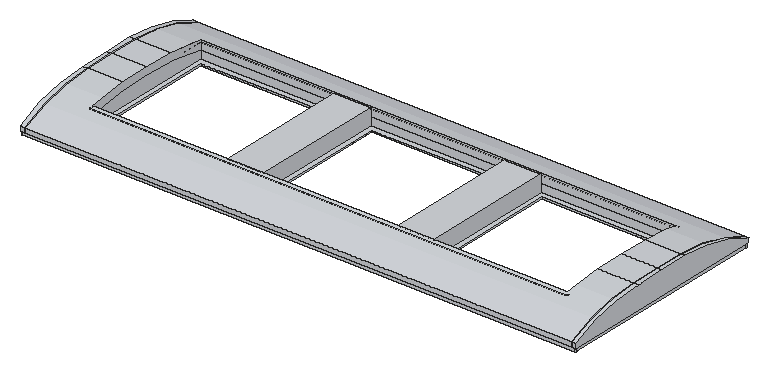
Revit family "Gira_0213728", category Electrical Fixtures, host Face, Revit 2017
Family settings
  Host = Face
  Maintain Annotation Orientation = No
  Round Connector Dimension = Use Diameter
  Part Type = Normal
  Cut with Voids When Loaded = No
  Shared = No
  Room Calculation Point = No
Parameters (values of type "Abdeckrahmen 3f Zwischenr. AN Gira Event Klar Weiß")
  Werkstoffgüte = "Thermoplast"
  Werkstoff = "Kunststoff"
  URL = "http://katalog.gira.de/de_DE/datenblatt.html?artikelnr=0213728"
  Transparent = "No"
  Textfeld/Beschriftungsfläche = "No"
  Schutzart (IP) = "IP20"
  Region = "DE"
  Oberfläche = "sonstige"
  Name = "Abdeckrahmen 3f Zwischenr. AN Gira Event Klar Weiß"
  Montagerichtung = "horizontal und vertikal"
  Mit Montagerahmen = "No"
  Mit Klappdeckel = "No"
  Manufacturer URL = "https://www.gira.de/"
  Keynote = "Event_Rahmen_3fach"
  HeinzeBIM = "https://bimportal.heinze.de/bim/abdeckrahmen-3f-zwischenr-an-gira-event-klar-weiss/8ca804c31c415cc36ca7d59417e6a9684c2b8f1a"
  Halogenfrei = "Yes"
  HAN = "0213728"
  Geeignet für Unterputz-Installation = "Yes"
  Geeignet für Unterflurkanaldose = "No"
  Geeignet für Geräteeinbaukanal = "No"
  Geeignet für Einbauinstallation = "No"
  GTIN = "4010337068778"
  Farbe = "weiß"
  Default Elevation = 1219.2 mm
  Data sheet (1) = "https://katalog.gira.de/de_DE/download.html?artikelnr=0213728"
  Category = "Abdeckrahmen"
  Befestigungsart = "Klemmbefestigung"
  Available = "Yes"
  Anzahl der Einheiten vertikal = "3 "
  Anzahl der Einheiten horizontal = "3 "
  Anzahl der Einheiten = "3 "
Reference planes
  plane 1 "Center (Front/Back)": y = 0
  plane 2: z = 0
  plane 3 "Center (Left/Right)": x = 0
Forms (mm)
  Extrusion 1, solid, detail levels fine
    sketch origin (0, 0, 0.05) x (0, 1, 0) y (0, 0, 1)
      loop
        arc (12.445, 9.683) -> (6.223, 9.833) -> (0, 9.85) r 291.636
        arc (0, 9.85) -> (-6.223, 9.833) -> (-12.445, 9.683) r 291.636
        arc (-12.445, 9.683) -> (-29.14, 7.482) -> (-45, 1.823) r 79.728
        line (-45, 1.823) -> (-45, -0.05) -> (-42.086, -0.05)
        arc (-42.086, -0.05) -> (-21.385, 5.559) -> (0, 7.206) r 114.424
        arc (0, 7.206) -> (21.385, 5.559) -> (42.086, -0.05) r 114.424
        line (42.086, -0.05) -> (45, -0.05) -> (45, 1.823)
        arc (45, 1.823) -> (29.14, 7.482) -> (12.445, 9.683) r 79.728
    from -114.3 to 114.3
  Extrusion 2, void, detail levels fine
    sketch origin (0, 0, 0) x (1, 0, 0) y (0, 1, 0)
      loop
        line (-99.355, -28.053) -> (99.355, -28.053) -> (99.355, 28.053) -> (-99.355, 28.053) -> (-99.355, -28.053)
    from 0.724 to 11
  Extrusion 3, solid, detail levels coarse
    sketch origin (0, 0, 0) x (1, 0, 0) y (0, 1, 0)
      loop
        line (-116.3, 45) -> (-116.3, -45) -> (116.3, -45) -> (116.3, 45) -> (-116.3, 45)
    from -1.5 to 9.9
  Extrusion 4, solid, detail levels medium
    sketch origin (0, 0, 0.05) x (0, 1, 0) y (0, 0, 1)
      loop
        arc (12.445, 9.683) -> (6.223, 9.833) -> (0, 9.85) r 291.636
        arc (0, 9.85) -> (-6.223, 9.833) -> (-12.445, 9.683) r 291.636
        arc (-12.445, 9.683) -> (-29.14, 7.482) -> (-45, 1.823) r 79.728
        line (-45, 1.823) -> (-45, -0.05) -> (45, -0.05) -> (45, 1.823)
        arc (45, 1.823) -> (29.14, 7.482) -> (12.445, 9.683) r 79.728
    from -116.3 to 116.3
  Extrusion 5, solid, detail levels fine
    sketch origin (-71.3, 0, -1.5) x (0, 1, 0) y (0, 0, -1)
      loop
        line (45, -3.373) -> (45, -1.5) -> (-45, -1.5) -> (-45, -3.373)
        arc (-45, -3.373) -> (-29.14, -9.032) -> (-12.445, -11.233) r 79.728
        arc (-12.445, -11.233) -> (-6.223, -11.383) -> (0, -11.4) r 291.636
        arc (0, -11.4) -> (6.223, -11.383) -> (12.445, -11.233) r 291.636
        arc (12.445, -11.233) -> (29.14, -9.032) -> (45, -3.373) r 79.728
    from 43 to 45
  Extrusion 6, solid, detail levels fine
    sketch origin (0, 0, 0) x (1, 0, 0) y (0, 1, 0)
      loop
        line (-97.195, 25.7) -> (-97.195, -25.7) -> (-45.395, -25.7) -> (-45.395, 25.7) -> (-97.195, 25.7)
      loop
        line (25.9, -25.7) -> (25.9, 25.7) -> (-25.9, 25.7) -> (-25.9, -25.7) -> (25.9, -25.7)
      loop
        line (-100.19, 28.49) -> (-100.19, -28.495)
        spline (-100.19, -28.495) -> (-100.181, -28.625) -> (-100.156, -28.754) -> (-100.113, -28.878) -> (-100.056, -28.995) -> (-99.983, -29.104) -> (-99.897, -29.202) -> (-99.798, -29.288) -> (-99.69, -29.361) -> (-99.572, -29.419) -> (-99.448, -29.461) -> (-99.32, -29.486) -> (-99.19, -29.495)
        line (-99.19, -29.495) -> (99.195, -29.495)
        spline (99.195, -29.495) -> (99.325, -29.486) -> (99.454, -29.461) -> (99.578, -29.419) -> (99.695, -29.361) -> (99.804, -29.288) -> (99.902, -29.202) -> (99.988, -29.104) -> (100.061, -28.995) -> (100.119, -28.878) -> (100.161, -28.754) -> (100.186, -28.625) -> (100.195, -28.495)
        line (100.195, -28.495) -> (100.195, 28.49)
        spline (100.195, 28.49) -> (100.186, 28.62) -> (100.161, 28.748) -> (100.119, 28.872) -> (100.061, 28.99) -> (99.988, 29.098) -> (99.902, 29.197) -> (99.804, 29.283) -> (99.695, 29.356) -> (99.578, 29.413) -> (99.454, 29.456) -> (99.325, 29.481) -> (99.195, 29.49)
        line (99.195, 29.49) -> (-99.19, 29.49)
        spline (-99.19, 29.49) -> (-99.32, 29.481) -> (-99.448, 29.456) -> (-99.572, 29.413) -> (-99.69, 29.356) -> (-99.798, 29.283) -> (-99.897, 29.197) -> (-99.983, 29.098) -> (-100.056, 28.99) -> (-100.113, 28.872) -> (-100.156, 28.748) -> (-100.181, 28.62) -> (-100.19, 28.49)
      loop
        line (97.2, -25.7) -> (97.2, 25.7) -> (45.4, 25.7) -> (45.4, -25.7) -> (97.2, -25.7)
    from 0.1 to 7.3
  Extrusion 7, solid
    sketch origin (0, 0, 0) x (1, 0, 0) y (0, 1, 0)
      loop
        arc (-116, -44.2) -> (-115.854, -44.554) -> (-115.5, -44.7) r 0.5
        line (-115.5, -44.7) -> (115.5, -44.7)
        arc (115.5, -44.7) -> (115.854, -44.554) -> (116, -44.2) r 0.5
        line (116, -44.2) -> (116, 44.2)
        arc (116, 44.2) -> (115.854, 44.554) -> (115.5, 44.7) r 0.5
        line (115.5, 44.7) -> (-115.5, 44.7)
        arc (-115.5, 44.7) -> (-115.854, 44.554) -> (-116, 44.2) r 0.5
        line (-116, 44.2) -> (-116, -44.2)
      loop
        line (-114.3, 43) -> (-114.3, -43) -> (114.3, -43) -> (114.3, 43) -> (-114.3, 43)
    from -1.5 to 0.5
  Extrusion 8, solid, detail levels fine
    sketch origin (71.3, 0, -1.5) x (0, 1, 0) y (0, 0, 1)
      loop
        arc (45, 3.373) -> (29.14, 9.032) -> (12.445, 11.233) r 79.728
        arc (12.445, 11.233) -> (6.223, 11.383) -> (0, 11.4) r 291.636
        arc (0, 11.4) -> (-6.223, 11.383) -> (-12.445, 11.233) r 291.636
        arc (-12.445, 11.233) -> (-29.14, 9.032) -> (-45, 3.373) r 79.728
        line (-45, 3.373) -> (-45, 1.5) -> (45, 1.5) -> (45, 3.373)
    from 43 to 45
  Extrusion 9, solid, detail levels medium
    sketch origin (0, 0, 0) x (1, 0, 0) y (0, 1, 0)
      loop
        line (-116, -44.7) -> (116, -44.7) -> (116, 44.7) -> (-116, 44.7) -> (-116, -44.7)
    from -1.5 to 0.5
  Extrusion 10, solid, detail levels fine
    sketch origin (-34.207, 0, 0) x (1, 0, 0) y (0, 1, 0)
      loop
        line (-8.943, 28.063) -> (-8.943, -27.937) -> (6.057, -27.937) -> (6.057, 28.063) -> (-8.943, 28.063)
    from 0.724 to 7.566
  Extrusion 11, solid, detail levels fine
    sketch origin (34.207, 0, 0) x (-1, 0, 0) y (0, -1, 0)
      loop
        line (-8.943, -28.063) -> (6.057, -28.063) -> (6.057, 27.937) -> (-8.943, 27.937) -> (-8.943, -28.063)
    from 0.724 to 7.566
Cuts and joins
  Extrusion 2 cuts Extrusion 1
  Extrusion 2 cuts Extrusion 6
Dimensions and locks
  aligned and locked: plane 2 to host face
  aligned and locked: level to host face
